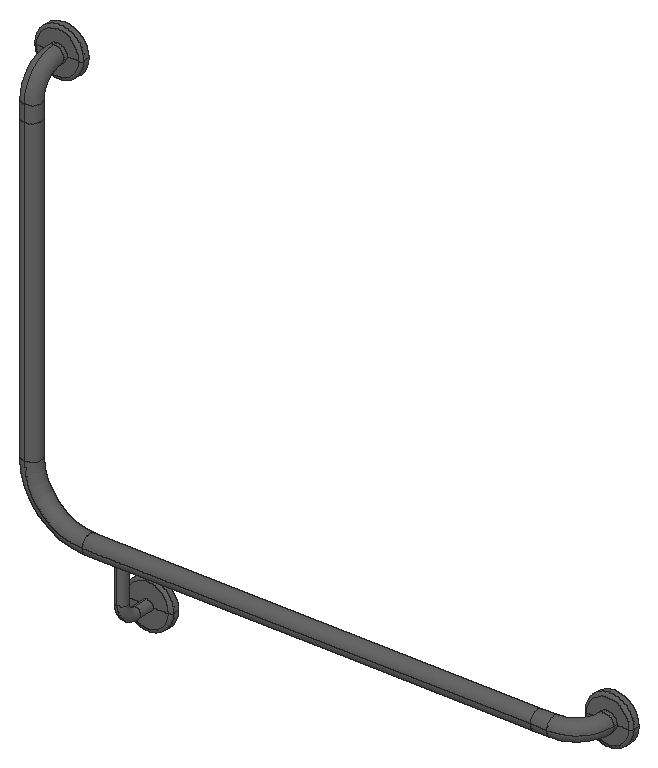
Revit family "rba-bim-rba4095-911", category Plumbing Fixtures, Revit 2018
Family settings
  Round Connector Dimension = Use Diameter
  Part Type = Normal
  Work Plane-Based = No
  Always vertical = Yes
  Cut with Voids When Loaded = No
  Shared = No
  Room Calculation Point = No
Parameters (values of type "RBA4095-911")
  Watermarked By = "www.rba.com.au"
  URL = "www.rba.com.au"
  R_Void [instance] = 15.00 mm
  R [instance] = 0.00 mm
  Phone Number = ""
  Modified Issue = "20211007.01"
  Model = "RBA4095-911"
  Materials and Finishes = Stainless Steel Matte Black Finish
  Manufacturer Model = ""
  Manufacturer = "RBA Group"  # constant formula
  Description = "90° Angled Grab Rail, RH"
  Copyright by = "RBA Group"  # constant formula
  Assembly Code = ""
Reference planes
  plane 1 "Center (Front/Back)": y = 0
  plane 2: z = 0
  plane 3: x = 40.5
  plane 4: z = 670
  plane 5: z = 730
  plane 6: x = -879.5
  plane 7: x = -939.5
  plane 8: z = 700
  plane 9: z = -100
  plane 10: x = 40.5
  plane 11: z = 670
  plane 12: z = 730
  plane 13: x = -939.5
  plane 14: x = -879.5
  plane 15: z = -130
  plane 16: z = -70
  plane 17: x = -784.5
  plane 18: x = -724.5
  plane 19: z = -100
  plane 20: x = -909.5
  plane 21: x = -754.5
  plane 22: z = 700
  plane 23: z = -30
  plane 24: z = 30
  plane 25: x = 70.5
  plane 26: x = 10.5
  plane 27: z = -30
  plane 28: z = 30
  plane 29: x = 10.5
  plane 30: x = 70.5
  plane 31: x = -925.5
  plane 32: x = -893.5
  plane 33: z = 16
  plane 34: z = -16
  plane 35: y = -70
  plane 36: y = -86
  plane 37: y = -54
  plane 38: y = -79.5
  plane 39: y = -60.5
Forms (mm)
  Extrusion 1, solid, material "Stainless Steel Matte Black Finish" <- "Materials and Finishes"
    sketch origin (-909.5, -2.628, 1015.907) x (0, 0, -1) y (-1, 0, 0)
      loop
        circle (315.907, 0) r 40
    from -0.219 to 2.628
  Revolve 2, solid, material "Stainless Steel Matte Black Finish" <- "Materials and Finishes"
    sketch origin (40.5, 18.663, 0) x (0, -1, 0) y (1, 0, 0)
      loop
        line (18.663, 0) -> (18.663, -41.5) -> (27.844, -41.5)
        arc (27.844, -41.5) -> (31.337, -40.077) -> (32.842, -36.617) r 5
        line (32.842, -36.617) -> (33.701, 0) -> (18.663, 0)
      axis (18.663, 0) -> (33.701, 0)
    angle from 0 to 360
  Extrusion 3, void
    sketch origin (-909.5, 34.941, 1015.907) x (0, 0, -1) y (-1, 0, 0)
      loop
        circle (315.907, -30) r 5
      loop
        circle (315.907, 30) r 5
    from -37.788 to -30
  Extrusion 4, solid, material "Stainless Steel Matte Black Finish" <- "Materials and Finishes"
    sketch origin (-909.5, -2.628, 1015.907) x (0, 0, -1) y (-1, 0, 0)
      loop
        circle (315.907, 0) r 40
    from -0.219 to 2.628
  Extrusion 5, void
    sketch origin (-909.5, 34.941, 1015.907) x (0, 0, -1) y (-1, 0, 0)
      loop
        circle (315.907, 30) r 5
      loop
        circle (315.907, -30) r 5
    from -37.788 to -30
  Sweep 6, solid, material "Stainless Steel Matte Black Finish" <- "Materials and Finishes"
    path origin (40.5, 12.454, 0) x (0, -1, 0) y (1, 0, 0)
      loop
        line (12.454, 0) -> (34.454, 0)
        arc (34.454, 0) -> (68.395, -14.059) -> (82.454, -48) r 48
        line (82.454, -48) -> (82.454, -76)
    profile origin (40.5, -11, 0) x (1, 0, 0) y (0, 0, 1)
      loop
        circle (0, 0) r 16
  Extrusion 7, solid, material "Stainless Steel Matte Black Finish" <- "Materials and Finishes"
    sketch origin (-909.5, -2.628, 1015.907) x (0, 0, -1) y (-1, 0, 0)
      loop
        circle (315.907, 0) r 40
    from -0.219 to 2.628
  Sweep 8, solid, material "Stainless Steel Matte Black Finish" <- "Materials and Finishes"
    path origin (-1609.5, 12.454, 700) x (0, -1, 0) y (0, 0, -1)
      loop
        line (12.454, 0) -> (34.454, 0)
        arc (34.454, 0) -> (68.395, 14.059) -> (82.454, 48) r 48
        line (82.454, 48) -> (82.454, 76)
    profile origin (-1609.5, -11, 700) x (0, 0, -1) y (1, 0, 0)
      loop
        circle (0, 700) r 16
  Revolve 9, solid, material "Stainless Steel Matte Black Finish" <- "Materials and Finishes"
    sketch origin (-909.5, 18.663, 700) x (0, -1, 0) y (1, 0, 0)
      loop
        line (18.663, 0) -> (18.663, -41.5) -> (27.844, -41.5)
        arc (27.844, -41.5) -> (31.337, -40.077) -> (32.842, -36.617) r 5
        line (32.842, -36.617) -> (33.701, 0) -> (18.663, 0)
      axis (18.663, 0) -> (33.701, 0)
    angle from 0 to 360
  Sweep 10, solid, material "Stainless Steel Matte Black Finish" <- "Materials and Finishes"
    path origin (81, 0, 0) x (-1, 0, 0) y (0, 0, 1)
      loop
        line (116.5, 0) -> (890.5, 0)
        arc (890.5, 0) -> (961.211, 29.289) -> (990.5, 100) r 100
        line (990.5, 100) -> (990.5, 624)
    profile origin (-422.5, 0, 0) x (0, 0, -1) y (0, -1, 0)
      loop
        circle (0, 70) r 16
  Extrusion 11, solid, material "Stainless Steel Matte Black Finish" <- "Materials and Finishes"
    sketch origin (-754.5, -2.628, 215.907) x (0, 0, -1) y (-1, 0, 0)
      loop
        circle (315.907, 0) r 40
    from -0.219 to 2.628
  Revolve 12, solid, material "Stainless Steel Matte Black Finish" <- "Materials and Finishes"
    sketch origin (-754.5, 18.663, -100) x (0, -1, 0) y (1, 0, 0)
      loop
        line (18.663, 0) -> (33.701, 0) -> (32.842, 36.617)
        arc (32.842, 36.617) -> (31.337, 40.077) -> (27.844, 41.5) r 5
        line (27.844, 41.5) -> (18.663, 41.5) -> (18.663, 0)
      axis (18.663, 0) -> (33.701, 0)
    angle from 0 to 360
  Sweep 13, solid, material "Stainless Steel Matte Black Finish" <- "Materials and Finishes"
    path origin (-754.5, 12.454, -100) x (0, -1, 0) y (0, 0, 1)
      loop
        line (12.454, 0) -> (54.454, 0)
        arc (54.454, 0) -> (74.253, 8.201) -> (82.454, 28) r 28
        line (82.454, 28) -> (82.454, 100)
    profile origin (-754.5, -21, -100) x (0, 0, 1) y (-1, 0, 0)
      loop
        circle (0, 0) r 9.5
  Extrusion 14, void
    sketch origin (-754.5, 34.941, 215.907) x (0, 0, -1) y (-1, 0, 0)
      loop
        circle (315.907, 30) r 5
      loop
        circle (315.907, -30) r 5
    from -37.788 to -30
  Extrusion 15, solid, material "Stainless Steel Matte Black Finish" <- "Materials and Finishes"
    sketch origin (40.5, -2.628, 315.907) x (0, 0, -1) y (-1, 0, 0)
      loop
        circle (315.907, 0) r 40
    from -0.219 to 2.628
  Extrusion 16, void
    sketch origin (40.5, 34.941, 315.907) x (0, 0, -1) y (-1, 0, 0)
      loop
        circle (315.907, -30) r 5
      loop
        circle (315.907, 30) r 5
    from -37.788 to -34.941
  Extrusion 17, solid, material "Stainless Steel Matte Black Finish" <- "Materials and Finishes"
    sketch origin (40.5, -2.628, 315.907) x (0, 0, -1) y (-1, 0, 0)
      loop
        circle (315.907, 0) r 40
    from -0.219 to 2.628
  Extrusion 18, void
    sketch origin (40.5, 34.941, 315.907) x (0, 0, -1) y (-1, 0, 0)
      loop
        circle (315.907, 30) r 5
      loop
        circle (315.907, -30) r 5
    from -37.788 to -34.941
  Extrusion 19, solid, material "Stainless Steel Matte Black Finish" <- "Materials and Finishes"
    sketch origin (40.5, -2.628, 315.907) x (0, 0, -1) y (-1, 0, 0)
      loop
        circle (315.907, 0) r 40
    from -0.219 to 2.628
Cuts and joins
  Extrusion 3, Extrusion 5, Extrusion 16, Extrusion 18 cuts Extrusion 1
  Extrusion 5, Extrusion 16, Extrusion 18 cuts Extrusion 4
  Extrusion 3, Extrusion 5, Extrusion 18 cuts Revolve 2
  Extrusion 5, Extrusion 16 cuts Revolve 9
  Extrusion 14 cuts Revolve 12
  joined: Revolve 2, Sweep 6, Sweep 8, Revolve 9, Sweep 10, Revolve 12, Sweep 13
  Extrusion 14 cuts Extrusion 11
  Extrusion 5, Extrusion 16 cuts Extrusion 7
  Extrusion 16 cuts Extrusion 15
  Extrusion 16 cuts Extrusion 17
  Extrusion 16, Extrusion 18 cuts Extrusion 19
Dimensions and locks
  Revolve 2 sketch curve to Revolve 2 sketch curve = 41.50 mm
  plane 5 to plane 4 to level = 60.00 mm, 670.00 mm
  plane 7 to plane 6 = 60.00 mm
  plane 12 to plane 11 = 60.00 mm
  plane 13 to plane 14 = 60.00 mm
  Revolve 9 sketch curve to Revolve 9 sketch curve = 41.50 mm
  Revolve 12 sketch curve to Revolve 12 sketch curve = 41.50 mm
  plane 16 to plane 15 = 60.00 mm
  plane 17 to plane 18 = 60.00 mm
  plane 22 to plane 2 = 700.00 mm
  plane 10 to plane 20 = 950.00 mm
  plane 21 to plane 20 = 155.00 mm
  plane 2 to plane 19 = 100.00 mm
  plane 24 to plane 23 = 60.00 mm
  plane 26 to plane 25 = 60.00 mm
  plane 28 to plane 27 = 60.00 mm
  plane 29 to plane 30 = 60.00 mm
  radius of Extrusion 1 sketch curve = 40.00 mm
  radius of Extrusion 4 sketch curve = 40.00 mm
  radius of Sweep 6 sketch curve = 16.00 mm
  radius of Extrusion 7 sketch curve = 40.00 mm
  radius of Sweep 8 sketch curve = 16.00 mm
  radius of Extrusion 11 sketch curve = 40.00 mm
  radius of Sweep 13 sketch curve = 9.50 mm
  radius of Extrusion 15 sketch curve = 40.00 mm
  radius of Extrusion 17 sketch curve = 40.00 mm
  radius of Extrusion 19 sketch curve = 40.00 mm
  aligned and locked: Extrusion 1 to Revolve 2
  aligned and locked: Revolve 12 to Extrusion 11
